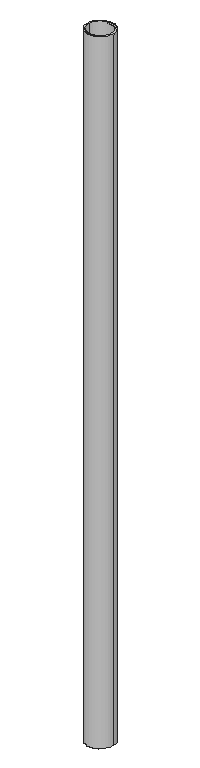
Revit family "67a57661b4884bb087a0e18995c0e51b", category Structural Columns, Revit 2021
Family settings
  Section Shape = Not Defined
  Material for Model Behavior = Steel
  Always export as geometry = No
  Beam cutback in plan = From geometry
  OmniClass Number = 23.25.30.11.14.11
  OmniClass Title = Columns
  Seek Item ID = Pipe-Column-0000-USA-ENU
  Cut with Voids When Loaded = No
  Symbolic Representation = From Project Settings
  Shared = No
  Show family pre-cut in plan views = Yes
Parameters (values of type "PIPE4SCH40")
  W = 10.8
  Structural Material [instance] = Steel ASTM A53
  Assembly Code = "B10"
  Gauge = "Standard"
  ID = OD - t  # 0' - 4 67/256"
  OD = 0' - 4 1/2"
  t = 0' - 0 61/256"
  A = 2.88 in²
Types (2): name | W | Gauge | ID | OD | t | A
  PIPE4SCH40 | 10.8 | "Standard" | 0' - 4 67/256" | 0' - 4 1/2" | 0' - 0 61/256" | 2.88 in²
  PIPE6SCH80 | 28.6 | "X Strong" | 0' - 6 25/128" | 0' - 6 161/256" | 0' - 0 111/256" | 8.64 in²
Reference planes (in)
  plane 1 "Center (Front/Back)": y = 0
  plane 2: z = 0
  plane 3 "Center (Left/Right)": x = 0
  plane 4: x = -2.25
  plane 5: x = 2.25
  plane 6: y = 2.25
  plane 7: y = -2.25
  plane 8: x = -2.01172
  plane 9: x = 2.01172
Forms (in)
  Extrusion 1, solid, material "Steel ASTM A53" <- "Structural Material", detail levels medium+fine
    sketch origin (0, 0, 0) x (1, 0, 0) y (0, 1, 0)
      loop
        circle (0, 0) r 2.25
      loop
        circle (0, 0) r 2.01172
    from 0 to 108
Lines and regions (in)
  symbolic lines, style "StructuralColumnStickSymbols", detail levels coarse
    curve 1: arc (-2.25, 0, 0) -> (0, -2.25, 0) -> (2.25, 0, 0) r 2.25
    curve 2: arc (2.25, 0, 0) -> (0, 2.25, 0) -> (-2.25, 0, 0) r 2.25
Dimensions and locks (in)
  equal spacing: plane 4, plane 3 "Center (Left/Right)", plane 5
  equal spacing: plane 7, plane 1 "Center (Front/Back)", plane 6
  "OD": plane 7 to plane 6
  "OD": plane 4 to plane 5
  "t": plane 4 to plane 8
  "t": plane 9 to plane 5
  aligned and locked: level to Extrusion 1
  aligned and locked: level to plane 2
  aligned and locked: Extrusion 1 to plane 2
  aligned and locked: curve 1 to Extrusion 1
Automatic sketch dimensions
  Extrusion 1 sketch curve to plane 1 "Center (Front/Back)" = 0' - 0"  (x2)
  Extrusion 1 sketch curve to plane 4 = 0' - 0"
  Extrusion 1 sketch curve to plane 8 = 0' - 0"
  Extrusion 1 sketch curve to plane 3 "Center (Left/Right)" = 0' - 0"  (x2)
